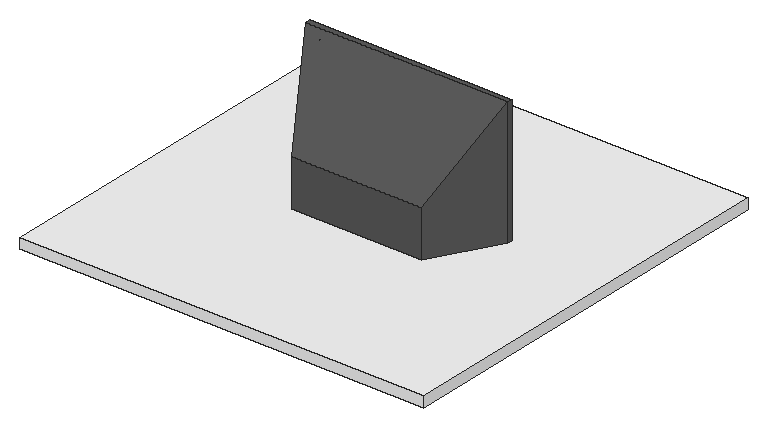
Revit family "BE_50180.5_de_DE", category Leuchten, Revit 2020
Family settings
  Basisbauteil = Fläche
  Bemaßung runder Anschluss = Durchmesser verwenden
  Teiletyp = Normal
  Beim Laden mit Abzugskörper schneiden = Ja
  Lichtquelle = Ja
  Gemeinsam genutzt = Nein
  Raumberechnungspunkt = Ja
Parameters (values of type "BEGA_50180.5_K27")
  built-in parameter 1150104 = 11.679 (stored number, unit not read)
  Wattage = 10.5 W
  Default Elevation = 0 mm
  built-in parameter 1150113 = 1 (stored number, unit not read)
  built-in parameter 1114218 = 1 (stored number, unit not read)
  Umgebungstemperatur = "25 °C"
  URL = "https://www.bega.com/de/produkt/50180.5"
  Typenkommentare = "© 2022 BEGA. Wir behalten uns das Recht vor, technische Änderungen ohne vorherige Ankündigung vorzunehmen."  # constant formula
  built-in parameter 1150134 = (empty or 0)
  built-in parameter 1150109 = 1 (stored number, unit not read)
  Strom = ""
  built-in parameter 1150110 = 1 (stored number, unit not read)
  Spannung = 239.996 V
  Sonderanfertigung = no
  Sockeltyp = ""
  Sockelanzahl = ""
  Seriennummer [instance] = "Hier können Sie die eindeutige Seriennummer für das Facility Management eintragen."
  Schutzklasse = "I"
  Schutzart = "IP 20"
  Scheinlast = 0 VA
  Produktdatenblatt = "https://cdn.bega.com/bega/products/50180.5K3/current/documents/data-sheets/de"
  Oberflächentemperatur = ""
  Neigungswinkel = 0.00°
  Modell = "50180.5K27"
  Material_35 = BEGA_Oberfläche_Samtschwarz_matt
  Material_17 = BEGA_Reflektor
  Material_15 = BEGA_Leuchtmedium_matt
  Material_11 = BEGA_Glas_opal
  Material_09 = BEGA_Glas_klar
  Material_06 = BEGA_Oberfläche_Edelstahl_gebürstet
  Material_03 = BEGA_Oberfläche_Weiss_matt
  Material_02 = BEGA_Oberfläche_Silber_matt
  Material_01 [instance] = BEGA_Oberfläche_Grafit_matt
  M_W = no
  M_G = no
  M_A = no
  Logo = 0
  built-in parameter 1114217 = 1 (stored number, unit not read)
  built-in parameter 1150139 = (empty or 0)
  built-in parameter 1150105 = 105.04 (stored number, unit not read)
  built-in parameter 1150114 = 1 (stored number, unit not read)
  Lumens = 1319.96 lm
  built-in parameter 1150115 = 1 (stored number, unit not read)
  Leuchtenlichtstrom = "1083 lm"
  Leuchtenanzahl = ""
  Lebensdauerkriterien = "L70B50 @ 25 °C = 135000 h"
  Lastklassifizierung = Beleuchtung
  built-in parameter 1150112 = 1 (stored number, unit not read)
  Lampenlichtstrom = "1460 lm"
  Lampe = "LED 10.2 W"
  LED_Modulbezeichnung = "LED-0810/927"
  Hersteller = "BEGA"  # constant formula
  Halbstreuwinkel = ""
  Gewicht = "0.95 kg"
  Gebrauchslageneinschränkung [instance] = ""
  Frequenz = "0/50-60 Hz"
  Farbwiedergabeindex = "CRI > 90"
  Farbtemperaturverschiebung bei Dämpfen der Lampe = <Keine Auswahl>
  Farbtemperatur = "2700 K"
  Color Filter = 16777215
  built-in parameter 1150133 = 10 (stored number, unit not read)
  Energieeffizienzklasse = "LED A++ - A"
  built-in parameter 1150137 = (empty or 0)
  built-in parameter 1150132 = (empty or 0)
  ENEC = "ja"
  Dimmbar [instance] = "on/off"
  Datei für fotometrisches Netz = "BE_50180.5K27.IES"
  CE_Konformität = "ja"
  Bestellnummer = "50180.5K27"
  Beschreibung_Sonderanfertigung = "Hier können Sie Informationen zur Sonderanfertigung eintragen."
  Beschreibung = "Wandfluter"
  built-in parameter 1150106 = 1.0504 (stored number, unit not read)
  Befestigungsbohrung = "Ø 4,8 mm"
  Befestigungsabstand = "128 mm"
  Ballwurfsicher = ""
  BEGA_Intern_aus = yes
  BEGA_Intern_an = yes
  BEGA_Intern_Konstruktion = yes
  BEGA_Intern = yes
  BEGA_IES = yes
  BEGA_Dummy = no
  Anschlussleitung = ""
  Anschlussleistung [instance] = "12.5 W"
  Anschlusskasten = ""
  built-in parameter 1150107 = 3000 (stored number, unit not read)
  built-in parameter 1150102 = (empty or 0)
  built-in parameter 1150138 = (empty or 0)
  Aktualisierung = "2022-05-18T04:00:07"
  Abstand_zur_angestrahlten_Fläche [instance] = ""
  AC/DC = "AC/DC"
Types (3, lengths in mm): name | built-in parameter 1150104 | Wattage | Modell | built-in parameter 1150105 | Lumens | Leuchtenlichtstrom | Lampenlichtstrom | LED_Modulbezeichnung | Farbtemperatur | Datei für fotometrisches Netz | Bestellnummer | built-in parameter 1150106
  BEGA_50180.5_K4 | 13.8 (stored number, unit not read) | 9.2903 W | "50180.5K4" | 109.82 (stored number, unit not read) | 1380 lm | "1163 lm" | "1570 lm" | "LED-0810/940" | "4000 K" | "BE_50180.5K4.IES" | "50180.5K4" | 1.0982 (stored number, unit not read)
  BEGA_50180.5_K3 | 11.679 (stored number, unit not read) | 10.5 W | "50180.5K3" | 105.04 (stored number, unit not read) | 1319.96 lm | "1120 lm" | "1510 lm" | "LED-0810/930" | "3000 K" | "BE_50180.5K3.IES" | "50180.5K3" | 1.0504 (stored number, unit not read)
  BEGA_50180.5_K27 | 11.679 (stored number, unit not read) | 10.5 W | "50180.5K27" | 105.04 (stored number, unit not read) | 1319.96 lm | "1083 lm" | "1460 lm" | "LED-0810/927" | "2700 K" | "BE_50180.5K27.IES" | "50180.5K27" | 1.0504 (stored number, unit not read)
Reference planes
  plane 1 "Mitte (Vorne/Hinten)": y = 0
  plane 2: z = 0
  plane 3 "Mitte (Links/Rechts)": x = 0
  plane 4 "Links": x = -100.04
  plane 5 "Rechts": x = 100.04
  plane 6 "Unten": y = -33.5
  plane 7 "Oben": y = 33.5
  plane 8 "Vorne": z = 125.413
  plane 9 "Hinten": z = 0
Forms (mm)
  Extrusion 1, solid, material "BEGA_Platte_Weiss"
    sketch origin (0, -1119.2, 0) x (1, 0, 0) y (0, 1, 0)
      loop
        line (-200, 1319.2) -> (-200, 919.2) -> (200, 919.2) -> (200, 1319.2) -> (-200, 1319.2)
    from 0 to -10
  Extrusion 2, solid, material "BEGA_Dummy_matt", visible <- "BEGA_Dummy"
    sketch origin (80.095, -76.023, 0) x (1, 0, 0) y (0, 1, 0)
      loop
        line (-180.135, 109.523) -> (-180.135, 42.523) -> (19.944, 42.523) -> (19.944, 109.523) -> (-180.135, 109.523)
    from 0 to 125.413
Dimensions and locks
  plane 1 "Mitte (Vorne/Hinten)" to Extrusion 1 = 200 mm
  aligned and locked: plane 2 to Extrusion 1
  aligned and locked: level to Extrusion 1
Nested families
  nested 1: "BE_50180.5" at (0, 0, 0), type "BE_50180.5"
Connectors
  electrical at (0, 0, 0), driven by "Lastklassifizierung", driven by "Spannung", driven by "Scheinlast"
    settings: index 1, voltage 239.996 V, apparent load 0 VA, apparent load phase1 0 VA, apparent load phase2 0 VA, apparent load phase3 0 VA, power factor 1, load classification "Beleuchtung", number of poles 1, system type 31, power factor state 1, is connector primary yes, connector utility no, sub classification motor no, connector description ""
Definition of nested family "BE_50180.5"
  Parameters (values of type "BE_50180.5")
    Default Elevation = 1 mm
    URL = "http://www.bega.de/de/produkt"
    Type Comments = "© 2015 BEGA. Wir behalten uns das Recht vor, technische Änderungen ohne vorherige Ankündigung vorzunehmen. "  # constant formula
    Type Image = (empty or 0)
    Neigungswinkel_um_Z2 = 0.00°
    Neigungswinkel_um_Z1 = 0.00°
    Neigungswinkel_um_Y2 = 0.00°
    Neigungswinkel_um_Y1 = 0.00°
    Neigungswinkel_um_X2 = 0.00°
    Neigungswinkel_um_X1 = 0.00°
    Material_35 = none
    Material_17 = none
    Material_15 = none
    Material_11 = none
    Material_09 = none
    Material_06 = none
    Material_05 = none
    Material_03 = none
    Material_02 = none
    Material_01 = none
    M_W = yes
    M_G = yes
    M_A = yes
    Länge_Platte = 400 mm  # constant formula
    Höhe_Platte = -10 mm  # constant formula
    Manufacturer = "BEGA"  # constant formula
    Drehwinkel_um_Z2 = 0.00°
    Drehwinkel_um_Z1 = 0.00°
    Breite_Platte = 200 mm  # constant formula
  Reference planes
    plane 1 "Mitte (Oben/Unten)": y = 0
    plane 2: z = 0
    plane 3 "Mitte (Links/Rechts)": x = 0
    plane 4: y = 33.5
    plane 5: z = 125.413
    plane 6: y = -33.5
    plane 7: x = -100.04
    plane 8: x = 100.04
  Forms (mm)
    Extrusion 1, solid, detail levels medium
      sketch origin (0, 0, 0) x (1, 0, 0) y (0, 1, 0)
        loop
          line (-200, 100) -> (-200, -100) -> (200, -100) -> (200, 100) -> (-200, 100)
      from 0 to -10 <- "Höhe_Platte"
    Extrusion 2, solid, material <- "Material_35", detail levels medium+fine
      sketch origin (0, 0, 0) x (0, 1, 0) y (0, 0, 1)
        loop
          line (-33.5, 0.5) -> (33.5, 0.5) -> (33.5, 125.413) -> (28.569, 125.413) -> (-33.5, 46.5) -> (-33.5, 0.5)
      from -117.578 to 105.837
    Extrusion 3, void
      sketch origin (0, 0, 0) x (1, 0, 0) y (0, 1, 0)
        loop
          line (-117.578, 36.451) -> (-117.578, -41.243) -> (-59.734, -41.243) -> (-100.04, 28.569) -> (-100.04, 36.451) -> (-117.578, 36.451)
        loop
          line (117.578, 36.451) -> (100.04, 36.451) -> (100.04, 28.569) -> (59.734, -41.243) -> (117.578, -41.243) -> (117.578, 36.451)
      from 0 to 133.895
    Blend 4, void
      base sketch origin (0, -35.827, 0.5) x (0, -1, 0) y (1, 0, 0)
        loop
          line (-5.439, -61.849) -> (-5.439, 61.849) -> (-64.915, 95.687) -> (-64.915, -95.687) -> (-5.439, -61.849)
      top sketch origin (0, 35.5, 152.913) x (0, -1, 0) y (1, 0, 0)
        loop
          line (11.304, -94.861) -> (11.304, 94.861) -> (6.412, 94.861) -> (6.412, -94.861) -> (11.304, -94.861)
      from 0 to -34.503
    Extrusion 5, solid, material <- "Material_35", detail levels medium+fine
      sketch origin (0, 0, 0) x (1, 0, 0) y (0, 1, 0)
        loop
          line (-60.879, -30.642) -> (60.879, -30.642) -> (94.379, 28.242) -> (-94.379, 28.242) -> (-60.879, -30.642)
      from 2.139 to 3.5
    Extrusion 6, void
      sketch origin (0, 0, 0) x (0, 1, 0) y (0, 0, 1)
        loop
          line (27.344, 122.579) -> (27.344, 34.371) -> (34.8, 34.371) -> (34.8, 122.579) -> (27.344, 122.579)
      from -97.734 to 97.799
    Extrusion 7, solid, material <- "Material_17", detail levels medium+fine
      sketch origin (0, 0, 0) x (0, 1, 0) y (0, 0, 1)
        loop
          line (29.3, 118.41) -> (28.447, 118.41) -> (28.447, 108.012) -> (13.422, 83.687) -> (14.48, 83.687) -> (29.3, 107.681) -> (29.3, 118.41)
        loop
          line (29.3, 34.484) -> (29.3, 49.639) -> (14.464, 73.66) -> (13.406, 73.66) -> (28.447, 49.308) -> (28.447, 34.484) -> (29.3, 34.484)
      from -94.527 to 94.735
    Extrusion 8, solid, material <- "Material_17", detail levels medium+fine
      sketch origin (0, 0, 0) x (1, 0, 0) y (0, 1, 0)
        loop
          line (94.527, 27.344) -> (40.687, 13.909) -> (40.924, 13.081) -> (94.735, 26.508) -> (94.527, 27.344)
        loop
          line (-94.527, 27.344) -> (-94.735, 26.508) -> (-40.924, 13.081) -> (-40.687, 13.909) -> (-94.527, 27.344)
      from 45.695 to 118.41
    Extrusion 9, void
      sketch origin (0, 0, 0) x (0, 1, 0) y (0, 0, 1)
        loop
          line (11.589, 101.945) -> (11.589, 89.945) -> (13.28, 89.945) -> (13.28, 101.945) -> (11.589, 101.945)
      from -28.58 to 28.473
    Extrusion 10, solid, material <- "Material_15", detail levels medium+fine
      sketch origin (0, 0, 0) x (1, 0, 0) y (0, 0, 1)
        loop
          line (23.664, 75.066) -> (23.664, 82.171) -> (-23.616, 82.171) -> (-23.616, 75.066) -> (23.664, 75.066)
      from -12.773 to -11.984
    Extrusion 11, void
      sketch origin (0, 0, 0) x (0, 1, 0) y (0, 0, 1)
        loop
          line (30.96, 126.902) -> (7.975, 126.902) -> (7.975, 97.679) -> (30.96, 126.902)
      from -82.112 to 102.734
    Extrusion 12, solid, material <- "Material_09", detail levels medium+fine
      sketch origin (0, 0, 0) x (0, 1, 0) y (0, 0, 1)
        loop
          line (29.3, 34.371) -> (33.3, 34.371) -> (33.3, 122.579) -> (29.3, 122.579) -> (29.3, 34.371)
      from -97.734 to 97.799
    Extrusion 13, void
      sketch origin (0, 0, 0) x (1, 0, 0) y (0, 1, 0)
        loop
          circle (-40, -5.543) r 8.5
        loop
          arc (-66.109, 3.657) -> (-68.509, 1.255) -> (-66.104, -1.143) r 2.4
          line (-66.104, -1.143) -> (-60.905, -1.143)
          arc (-60.905, -1.143) -> (-58.5, 1.255) -> (-60.9, 3.657) r 2.4
          line (-60.9, 3.657) -> (-66.05, 3.657)
        loop
          arc (65.9, 3.857) -> (63.5, 6.257) -> (61.1, 3.857) r 2.4
          line (61.1, 3.857) -> (61.1, -1.343)
          arc (61.1, -1.343) -> (63.5, -3.743) -> (65.9, -1.343) r 2.4
          line (65.9, -1.343) -> (65.9, 3.857)
      from 0 to 4.75
    Extrusion 14, void
      sketch origin (0, 0, 0) x (1, 0, 0) y (0, 1, 0)
        loop
          line (-60.318, -36.5) -> (-101.58, 34.967) -> (-106.506, 34.967) -> (-106.506, -36.5) -> (-60.318, -36.5)
      from 0 to 127.618
    Extrusion 15, void
      sketch origin (0, 0, 0) x (-1, 0, 0) y (0, -1, 0)
        loop
          line (-60.318, 36.5) -> (-106.506, 36.5) -> (-106.506, -34.967) -> (-101.58, -34.967) -> (-60.318, 36.5)
      from 0 to 127.618
    Revolve 16, solid, material <- "Material_35", detail levels medium+fine
      sketch origin (-76.855, 0, 0) x (0, 1, 0) y (0, 0, 1)
        loop
          line (19.157, 2.517) -> (19.157, 0) -> (23.449, 0)
          arc (23.449, 0) -> (24.618, 0.201) -> (25.652, 0.78) r 3.5
          line (25.652, 0.78) -> (27.795, 2.517) -> (19.157, 2.517)
        axis (19.157, 0) -> (19.157, 2.517)
      angle from 0 to 360
    Revolve 17, solid, material <- "Material_35", detail levels medium+fine
      sketch origin (76.855, 0, 0) x (0, 1, 0) y (0, 0, -1)
        loop
          line (19.157, -2.517) -> (27.795, -2.517) -> (25.652, -0.78)
          arc (25.652, -0.78) -> (24.618, -0.201) -> (23.449, 0) r 3.5
          line (23.449, 0) -> (19.157, 0) -> (19.157, -2.517)
        axis (19.157, 0) -> (19.157, -2.517)
      angle from 0 to 360
    Revolve 18, solid, material <- "Material_35", detail levels medium+fine
      sketch origin (-55.448, -37.078, 0) x (0, 1, 0) y (0, 0, 1)
        loop
          line (19.157, 2.517) -> (19.157, 0) -> (23.449, 0)
          arc (23.449, 0) -> (24.618, 0.201) -> (25.652, 0.78) r 3.5
          line (25.652, 0.78) -> (27.795, 2.517) -> (19.157, 2.517)
        axis (19.157, 0) -> (19.157, 2.517)
      angle from 0 to 360
    Revolve 19, solid, material <- "Material_35", detail levels medium+fine
      sketch origin (55.448, -37.078, 0) x (0, 1, 0) y (0, 0, -1)
        loop
          line (19.157, -2.517) -> (27.795, -2.517) -> (25.652, -0.78)
          arc (25.652, -0.78) -> (24.618, -0.201) -> (23.449, 0) r 3.5
          line (23.449, 0) -> (19.157, 0) -> (19.157, -2.517)
        axis (19.157, 0) -> (19.157, -2.517)
      angle from 0 to 360
    Extrusion 20, solid, material <- "Material_17", detail levels medium+fine
      sketch origin (0, 0, 0) x (0, 1, 0) y (0, 0, 1)
        loop
          line (14.48, 83.687) -> (13.406, 83.687) -> (13.406, 73.66) -> (14.48, 73.66) -> (14.48, 83.687)
      from -40.924 to 40.924
    Extrusion 21, void
      sketch origin (0, 0, 0) x (0, 1, 0) y (0, 0, 1)
        loop
          line (13.175, 82.971) -> (13.175, 74.46) -> (14.803, 74.46) -> (14.803, 82.971) -> (13.175, 82.971)
      from -24.24 to 24.308
  Cuts and joins
    Extrusion 3, Blend 4, Extrusion 6, Extrusion 9 cuts Extrusion 2
    Extrusion 13 cuts Extrusion 5
    joined: Extrusion 5, Revolve 16, Revolve 17, Revolve 18, Revolve 19
    Extrusion 9, Extrusion 13, Extrusion 14, Extrusion 15, Extrusion 21 cuts Extrusion 7
    Extrusion 9, Extrusion 11, Extrusion 13, Extrusion 15, Extrusion 21 cuts Extrusion 8
    Extrusion 21 cuts Extrusion 20
    joined: Extrusion 7, Extrusion 8, Extrusion 20
  Dimensions and locks
    equal spacing: Extrusion 1 sketch curve, plane 3 "Mitte (Links/Rechts)", Extrusion 1 sketch curve
    equal spacing: Extrusion 1 sketch curve, plane 1 "Mitte (Oben/Unten)", Extrusion 1 sketch curve
    "Länge_Platte": Extrusion 1 sketch curve to Extrusion 1 sketch curve
    "Breite_Platte": Extrusion 1 sketch curve to Extrusion 1 sketch curve
    aligned and locked: plane 2 to Extrusion 1
    aligned and locked: level to Extrusion 1
  Automatic sketch dimensions
    level to Extrusion 2 sketch curve = 0.5 mm
    plane 1 "Mitte (Oben/Unten)" to Extrusion 2 sketch curve = 33.5 mm
    Extrusion 2 sketch curve to plane 1 "Mitte (Oben/Unten)" = 28.569 mm
    Extrusion 2 sketch curve to Extrusion 2 sketch curve = 4.931 mm
    Extrusion 2 sketch curve to Extrusion 2 sketch curve = 46 mm
    Extrusion 2 to Blend 4 sketch curve = 4.412 mm
    Extrusion 2 to Blend 4 sketch curve = 3.112 mm
    Blend 4 sketch curve to Extrusion 2 = 21.891 mm
    Blend 4 sketch curve to Extrusion 2 = 55.729 mm
    Blend 4 sketch curve to Extrusion 2 = 43.988 mm
    Blend 4 sketch curve to Extrusion 2 = 10.15 mm
    Extrusion 5 sketch curve to plane 1 "Mitte (Oben/Unten)" = 28.242 mm
    Extrusion 5 sketch curve to plane 3 "Mitte (Links/Rechts)" = 94.379 mm
    Extrusion 5 sketch curve to plane 3 "Mitte (Links/Rechts)" = 60.879 mm
    plane 3 "Mitte (Links/Rechts)" to Extrusion 5 sketch curve = 60.879 mm
    Extrusion 5 sketch curve to Extrusion 5 sketch curve = 33.501 mm
    plane 1 "Mitte (Oben/Unten)" to Extrusion 5 sketch curve = 30.642 mm
    Extrusion 6 sketch curve to plane 1 "Mitte (Oben/Unten)" = 27.344 mm
    Extrusion 6 sketch curve to Extrusion 6 sketch curve = 7.456 mm
    level to Extrusion 6 sketch curve = 34.371 mm
    Extrusion 7 sketch curve to plane 1 "Mitte (Oben/Unten)" = 13.406 mm
    Extrusion 7 sketch curve to Extrusion 7 sketch curve = 0.016 mm
    Extrusion 7 sketch curve to Extrusion 7 sketch curve = 1.058 mm  (x2)
    Extrusion 7 sketch curve to Extrusion 7 sketch curve = 13.967 mm
    Extrusion 7 sketch curve to plane 1 "Mitte (Oben/Unten)" = 28.447 mm
    Extrusion 7 sketch curve to Extrusion 7 sketch curve = 0.853 mm  (x2)
    level to Extrusion 7 sketch curve = 34.484 mm
    Extrusion 7 sketch curve to Extrusion 7 sketch curve = 14.824 mm
    Extrusion 7 sketch curve to Extrusion 7 sketch curve = 0.332 mm  (x2)
    Extrusion 7 sketch curve to Extrusion 7 sketch curve = 24.352 mm
    Extrusion 7 sketch curve to Extrusion 7 sketch curve = 10.027 mm
    Extrusion 7 sketch curve to Extrusion 7 sketch curve = 23.994 mm
    Extrusion 7 sketch curve to Extrusion 7 sketch curve = 10.398 mm
    Extrusion 8 sketch curve to plane 1 "Mitte (Oben/Unten)" = 26.508 mm
    Extrusion 8 sketch curve to plane 3 "Mitte (Links/Rechts)" = 94.735 mm
    Extrusion 8 sketch curve to plane 1 "Mitte (Oben/Unten)" = 27.344 mm  (x2)
    Extrusion 8 sketch curve to Extrusion 8 sketch curve = 0.209 mm
    Extrusion 8 sketch curve to plane 1 "Mitte (Oben/Unten)" = 13.081 mm  (x2)
    Extrusion 8 sketch curve to plane 1 "Mitte (Oben/Unten)" = 13.909 mm  (x2)
    plane 3 "Mitte (Links/Rechts)" to Extrusion 8 sketch curve = 40.687 mm
    Extrusion 8 sketch curve to Extrusion 8 sketch curve = 0.238 mm
    Extrusion 8 sketch curve to Extrusion 8 sketch curve = 53.602 mm
    Extrusion 9 sketch curve to plane 1 "Mitte (Oben/Unten)" = 11.589 mm
    Extrusion 9 sketch curve to Extrusion 9 sketch curve = 1.691 mm
    Extrusion 9 sketch curve to Extrusion 9 sketch curve = 12 mm
    Extrusion 10 sketch curve to plane 3 "Mitte (Links/Rechts)" = 23.616 mm
    plane 3 "Mitte (Links/Rechts)" to Extrusion 10 sketch curve = 23.664 mm
    level to Extrusion 10 sketch curve = 75.066 mm
    Extrusion 10 sketch curve to Extrusion 10 sketch curve = 7.105 mm
    Extrusion 11 sketch curve to plane 1 "Mitte (Oben/Unten)" = 7.975 mm
    Extrusion 11 sketch curve to Extrusion 11 sketch curve = 22.985 mm
    Extrusion 12 sketch curve to plane 1 "Mitte (Oben/Unten)" = 29.3 mm
    Extrusion 12 sketch curve to Extrusion 12 sketch curve = 4 mm
    level to Extrusion 12 sketch curve = 34.371 mm
    Extrusion 13 sketch curve to plane 1 "Mitte (Oben/Unten)" = 1.257 mm  (x2)
    Extrusion 13 sketch curve to plane 3 "Mitte (Links/Rechts)" = 66.109 mm
    plane 1 "Mitte (Oben/Unten)" to Extrusion 13 sketch curve = 1.143 mm
    Extrusion 13 sketch curve to Extrusion 13 sketch curve = 0.005 mm  (x2)
    Extrusion 13 sketch curve to Extrusion 13 sketch curve = 5.199 mm
    plane 1 "Mitte (Oben/Unten)" to Extrusion 13 sketch curve = 5.543 mm
    Extrusion 13 sketch curve to Extrusion 13 sketch curve = 20.905 mm
    Extrusion 13 sketch curve to plane 1 "Mitte (Oben/Unten)" = 3.857 mm
    plane 3 "Mitte (Links/Rechts)" to Extrusion 13 sketch curve = 63.5 mm
    plane 1 "Mitte (Oben/Unten)" to Extrusion 13 sketch curve = 1.343 mm  (x2)
    Extrusion 13 sketch curve to Extrusion 13 sketch curve = 0 mm  (x13)
    Extrusion 13 sketch curve to Extrusion 13 sketch curve = 0.059 mm
    Extrusion 13 sketch curve to Extrusion 13 sketch curve = 2.4 mm
    plane 1 "Mitte (Oben/Unten)" to Extrusion 14 sketch curve = 36.5 mm
    Extrusion 14 sketch curve to plane 3 "Mitte (Links/Rechts)" = 106.506 mm
    Extrusion 14 sketch curve to plane 1 "Mitte (Oben/Unten)" = 34.967 mm
    Extrusion 14 sketch curve to Extrusion 14 sketch curve = 4.926 mm
    Extrusion 14 sketch curve to Extrusion 14 sketch curve = 46.188 mm
    Extrusion 15 sketch curve to plane 1 "Mitte (Oben/Unten)" = 36.5 mm
    Extrusion 15 sketch curve to plane 3 "Mitte (Links/Rechts)" = 106.506 mm
    plane 1 "Mitte (Oben/Unten)" to Extrusion 15 sketch curve = 34.967 mm
    Extrusion 15 sketch curve to Extrusion 15 sketch curve = 4.926 mm
    Extrusion 15 sketch curve to Extrusion 15 sketch curve = 46.188 mm
    Revolve 16 sketch curve to level = 0 mm  (x2)
    level to Revolve 16 sketch curve = 2.517 mm
    Revolve 16 sketch curve to plane 1 "Mitte (Oben/Unten)" = 19.157 mm
    Revolve 16 sketch curve to Revolve 16 sketch curve = 4.292 mm
    Revolve 16 sketch curve to Revolve 16 sketch curve = 4.346 mm
    Revolve 16 sketch curve to Revolve 16 sketch curve = 3.5 mm
    Revolve 16 sketch curve to Revolve 16 sketch curve = 0 mm  (x2)
    level to Revolve 16 sketch curve = 0.78 mm
    Revolve 16 sketch curve to Revolve 16 sketch curve = 2.203 mm
    Revolve 16 sketch curve to Revolve 16 sketch curve = 1.483 mm
    Revolve 17 sketch curve to level = 0 mm  (x2)
    level to Revolve 17 sketch curve = 2.517 mm
    Revolve 17 sketch curve to plane 1 "Mitte (Oben/Unten)" = 19.157 mm
    Revolve 17 sketch curve to Revolve 17 sketch curve = 4.292 mm
    Revolve 17 sketch curve to Revolve 17 sketch curve = 4.346 mm
    Revolve 17 sketch curve to Revolve 17 sketch curve = 3.5 mm
    Revolve 17 sketch curve to Revolve 17 sketch curve = 0 mm  (x2)
    level to Revolve 17 sketch curve = 0.78 mm
    Revolve 17 sketch curve to Revolve 17 sketch curve = 2.203 mm
    Revolve 17 sketch curve to Revolve 17 sketch curve = 1.483 mm
    Revolve 18 sketch curve to level = 0 mm  (x2)
    level to Revolve 18 sketch curve = 2.517 mm
    plane 1 "Mitte (Oben/Unten)" to Revolve 18 sketch curve = 17.92 mm
    Revolve 18 sketch curve to Revolve 18 sketch curve = 4.292 mm
    Revolve 18 sketch curve to Revolve 18 sketch curve = 4.346 mm
    Revolve 18 sketch curve to Revolve 18 sketch curve = 3.5 mm
    Revolve 18 sketch curve to Revolve 18 sketch curve = 0 mm  (x2)
    level to Revolve 18 sketch curve = 0.78 mm
    Revolve 18 sketch curve to Revolve 18 sketch curve = 2.203 mm
    Revolve 18 sketch curve to Revolve 18 sketch curve = 1.483 mm
    Revolve 19 sketch curve to level = 0 mm  (x2)
    level to Revolve 19 sketch curve = 2.517 mm
    plane 1 "Mitte (Oben/Unten)" to Revolve 19 sketch curve = 17.92 mm
    Revolve 19 sketch curve to Revolve 19 sketch curve = 4.292 mm
    Revolve 19 sketch curve to Revolve 19 sketch curve = 4.346 mm
    Revolve 19 sketch curve to Revolve 19 sketch curve = 3.5 mm
    Revolve 19 sketch curve to Revolve 19 sketch curve = 0 mm  (x2)
    level to Revolve 19 sketch curve = 0.78 mm
    Revolve 19 sketch curve to Revolve 19 sketch curve = 2.203 mm
    Revolve 19 sketch curve to Revolve 19 sketch curve = 1.483 mm
    Extrusion 2 sketch curve to Extrusion 2 sketch curve = 78.913 mm
    Extrusion 6 sketch curve to Extrusion 6 sketch curve = 88.207 mm
    level to Extrusion 9 sketch curve = 89.945 mm
    level to Extrusion 11 sketch curve = 97.679 mm
    Extrusion 11 sketch curve to Extrusion 11 sketch curve = 29.223 mm
    Extrusion 12 sketch curve to Extrusion 12 sketch curve = 88.207 mm
    Extrusion 3 sketch curve to plane 6 = 7.743 mm  (x2)
    plane 4 to Extrusion 3 sketch curve = 4.931 mm
    Extrusion 3 sketch curve to plane 4 = 2.951 mm  (x2)
    Extrusion 3 sketch curve to Extrusion 3 sketch curve = 7.883 mm
    Extrusion 3 sketch curve to plane 3 "Mitte (Links/Rechts)" = 59.734 mm
    Extrusion 3 sketch curve to Extrusion 3 sketch curve = 40.306 mm  (x2)
    Extrusion 3 sketch curve to Extrusion 3 sketch curve = 17.538 mm
    plane 3 "Mitte (Links/Rechts)" to Extrusion 3 sketch curve = 59.734 mm
    Extrusion 3 sketch curve to Extrusion 3 sketch curve = 57.844 mm
    plane 4 to Blend 4 sketch curve = 4.412 mm
    Blend 4 sketch curve to Blend 4 sketch curve = 4.892 mm
    plane 7 to Blend 4 sketch curve = 5.179 mm
    Blend 4 sketch curve to plane 8 = 5.179 mm
    Extrusion 20 sketch curve to plane 1 "Mitte (Oben/Unten)" = 13.406 mm
    Extrusion 20 sketch curve to Extrusion 20 sketch curve = 1.074 mm
    Extrusion 20 sketch curve to plane 5 = 51.753 mm
    Extrusion 20 sketch curve to Extrusion 20 sketch curve = 10.027 mm
    Extrusion 21 sketch curve to plane 5 = 50.953 mm
    Extrusion 21 sketch curve to Extrusion 21 sketch curve = 8.511 mm
    Extrusion 21 sketch curve to Extrusion 21 sketch curve = 1.629 mm
    Extrusion 21 sketch curve to plane 1 "Mitte (Oben/Unten)" = 13.175 mm
    radius of Extrusion 13 sketch curve = 8.5 mm
